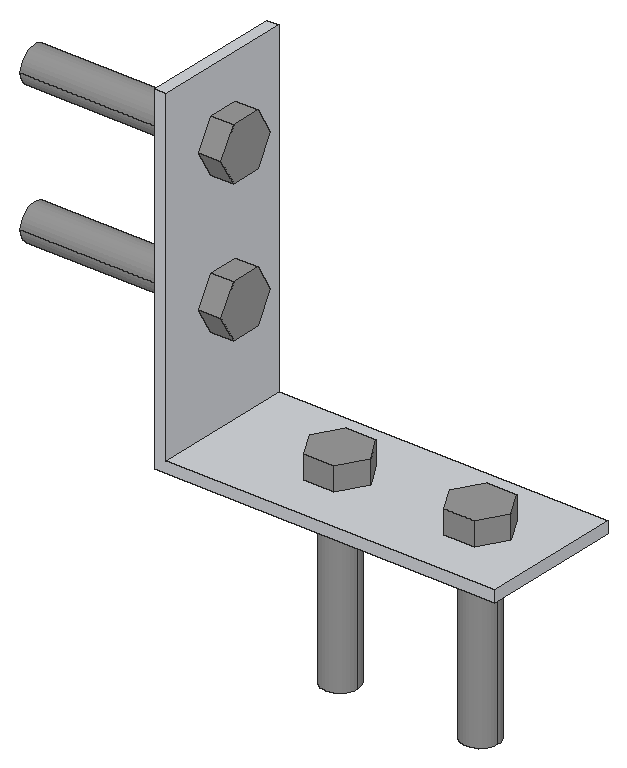
Revit family "HLGPC Heavy Angles and Gussets", category Structural Connections, Revit 2017
Family settings
  Material for Model Behavior = Other
  Work Plane-Based = Yes
  Enable cutting in views = Yes
  Always vertical = No
  Cut with Voids When Loaded = No
  Shared = No
Parameters (values of type "SIMPSON -HL73 - 3 X 7.25 - .75 Bolt - HDG")
  L = 0' - 3"
  URL = "https://www.strongtie.com/classiccollection_architecturalproductsgroup/hlpc-hlgpc_productgroup_wcc/p/hlpc.hlgpc"
  Hole Radius = 0' - 0 3/8"
  D4 = 0' - 3"
  D2 = 0' - 5"
  D1 = 0' - 1 1/2"
  D3 = 0' - 2 3/4"
  Ga. = 0' - 0 61/256"
  W1 & W2 = 0' - 7 1/4"
  Default Elevation = 4' - 0"
  Bolt Visibility - 3B = no
  Bolt Visibility - 3A = no
  Bolt Visibility - 2B = no
  Bolt Visibility - 2A = no
  Bolt Visibility - 1B = yes
  Bolt Visibility - 1A = yes
  Bolt Visibility = yes
  Bolt Size = Lag Bolt : 3/4" x 4"
Types (5): name | L | Hole Radius | D4 | D2 | D1 | D3 | Ga. | W1 & W2 | Bolt Visibility - 3A | Bolt Visibility - 2B | Bolt Visibility - 2A | Bolt Visibility - 1B | Bolt Size
  SIMPSON -HL73 - 3 X 7.25 - .75 Bolt - HDG | 0' - 3" | 0' - 0 3/8" | 0' - 3" | 0' - 5" | 0' - 1 1/2" | 0' - 2 3/4" | 0' - 0 61/256" | 0' - 7 1/4" | no | no | no | yes | Lag Bolt : 3/4" x 4"
  SIMPSON - HL43 - 3 X 4.25 - .75 Bolt - HDG | 0' - 3" | 0' - 0 3/8" | 0' - 5" | 0' - 5" | 0' - 1 1/2" | 0' - 2 3/4" | 0' - 0 61/256" | 0' - 4 1/4" | no | no | no | no | Lag Bolt : 3/4" x 4"
  SIMPSON -HL46 - 6 X 4.25 - .75 Bolt - HDG | 0' - 6" | 0' - 0 3/8" | 0' - 5" | 0' - 3" | 0' - 1 1/2" | 0' - 2 3/4" | 0' - 0 61/256" | 0' - 4 1/4" | no | no | yes | no | Lag Bolt : 3/4" x 4"
  SIMPSON -HL49 - 9 X 4.25 - .75 Bolt - HDG | 0' - 9" | 0' - 0 3/8" | 0' - 5" | 0' - 3" | 0' - 1 1/2" | 0' - 2 3/4" | 0' - 0 61/256" | 0' - 4 1/4" | yes | no | yes | no | Lag Bolt : 3/4" x 4"
  SIMPSON -HL55 - 5 X 5.75 - .5" BOLT - HDG | 0' - 5" | 0' - 0 1/4" | 0' - 2 1/2" | 0' - 2 1/2" | 0' - 1 1/4" | 0' - 2" | 0' - 0 23/128" | 0' - 5 3/4" | no | yes | yes | yes | Lag Bolt : 1/2" x 4"
Reference planes (in)
  plane 1 "Center (Front/Back)": y = 0
  plane 2: z = 0
  plane 3 "Center (Left/Right)": x = 0
  plane 4: y = 1.5
  plane 5: y = -1.5
  plane 6: x = 7.25
  plane 7: z = 7.25
  plane 8: z = 0.23828
  plane 9: x = 0.23828
  plane 10: y = 0
  plane 11: y = 5
  plane 12: x = 2.75
  plane 13: x = 5.75
  plane 14: y = 10
  plane 15: z = 2.75
  plane 16: z = 5.75
Forms (in)
  Extrusion 1, solid
    sketch origin (0, 0, 0) x (1, 0, 0) y (0, 1, 0)
      loop
        line (0, 1.5) -> (0, -1.5) -> (7.25, -1.5) -> (7.25, 1.5) -> (0, 1.5)
    from 0 to 0.23828
  Extrusion 2, solid
    sketch origin (0, 0, 0) x (0, 1, 0) y (0, 0, 1)
      loop
        line (-1.5, 7.25) -> (-1.5, 0.23828) -> (1.5, 0.23828) -> (1.5, 7.25) -> (-1.5, 7.25)
    from 0 to 0.23828
  Extrusion 3, void
    sketch origin (0, 0, 0) x (1, 0, 0) y (0, 1, 0)
      loop
        circle (2.75, 0) r 0.375
    from 0 to 0.23828
  Extrusion 4, void
    sketch origin (1.11176, 0, 0) x (1, 0, 0) y (0, 1, 0)
      loop
        circle (4.63824, 0) r 0.375
    from 0 to 0.23828
  Extrusion 5, void
    sketch origin (0, 0.75, 0) x (1, 0, 0) y (0, 1, 0)
      loop
        circle (2.75, 4.25) r 0.375
    from 0 to 0.23828
  Extrusion 6, void
    sketch origin (1.11176, 0.75, 0) x (1, 0, 0) y (0, 1, 0)
      loop
        circle (4.63824, 4.25) r 0.375
    from 0 to 0.23828
  Extrusion 7, void
    sketch origin (0, 1.65848, 0) x (1, 0, 0) y (0, 1, 0)
      loop
        circle (2.75, 8.34152) r 0.375
    from 0 to 0.23828
  Extrusion 8, void
    sketch origin (1.11176, 1.65848, 0) x (1, 0, 0) y (0, 1, 0)
      loop
        circle (4.63824, 8.34152) r 0.375
    from 0 to 0.23828
  Extrusion 9, void
    sketch origin (0, 0, 0) x (0, 1, 0) y (0, 0, 1)
      loop
        circle (0, 2.75) r 0.375
    from 0 to 0.23828
  Extrusion 10, void
    sketch origin (0, 1.18438, 0) x (0, 1, 0) y (0, 0, 1)
      loop
        circle (3.81562, 2.75) r 0.375
    from 0 to 0.23828
  Extrusion 11, void
    sketch origin (0, 2.26578, 0) x (0, 1, 0) y (0, 0, 1)
      loop
        circle (7.73422, 2.75) r 0.375
    from 0 to 0.23828
  Extrusion 12, void
    sketch origin (0, 2.26578, 0.75) x (0, 1, 0) y (0, 0, 1)
      loop
        circle (7.73422, 5) r 0.375
    from 0 to 0.23828
  Extrusion 13, void
    sketch origin (0, 1.14025, 0.75) x (0, 1, 0) y (0, 0, 1)
      loop
        circle (3.85975, 5) r 0.375
    from 0 to 0.23828
  Extrusion 14, void
    sketch origin (0, -0.30161, 0.75) x (0, 1, 0) y (0, 0, 1)
      loop
        circle (0.30161, 5) r 0.375
    from 0 to 0.23828
Cuts and joins
  Extrusion 3, Extrusion 4, Extrusion 5, Extrusion 6, Extrusion 7, Extrusion 8, Extrusion 9, Extrusion 10, Extrusion 11, Extrusion 12, Extrusion 13, Extrusion 14 cuts Extrusion 1
  Extrusion 3, Extrusion 4, Extrusion 5, Extrusion 6, Extrusion 7, Extrusion 8, Extrusion 9, Extrusion 10, Extrusion 11, Extrusion 12, Extrusion 13, Extrusion 14 cuts Extrusion 2
  joined: Extrusion 1, Extrusion 2
Dimensions and locks (in)
  equal spacing: plane 4, plane 1 "Center (Front/Back)", plane 5
  "W1 & W2": plane 3 "Center (Left/Right)" to plane 6
  "L": plane 4 to plane 5
  "W1 & W2": plane 7 to level
  "Ga.": plane 8 to level
  "Ga.": plane 9 to plane 3 "Center (Left/Right)"
  "D1": plane 10 to plane 5
  "D3": plane 3 "Center (Left/Right)" to plane 12
  "D4": plane 12 to plane 13
  "D2": plane 11 to plane 10
  "D2": plane 14 to plane 11
  "D3": plane 15 to level
  "D4": plane 16 to plane 15
  "Hole Radius": radius of Extrusion 3 sketch curve
  "Hole Radius": radius of Extrusion 4 sketch curve
  "Hole Radius": radius of Extrusion 5 sketch curve
  "Hole Radius": radius of Extrusion 6 sketch curve
  "Hole Radius": radius of Extrusion 7 sketch curve
  "Hole Radius": radius of Extrusion 8 sketch curve
  "Hole Radius": radius of Extrusion 9 sketch curve
  "Hole Radius": radius of Extrusion 10 sketch curve
  "Hole Radius": radius of Extrusion 11 sketch curve
  "Hole Radius": radius of Extrusion 12 sketch curve
  "Hole Radius": radius of Extrusion 13 sketch curve
  "Hole Radius": radius of Extrusion 14 sketch curve
  aligned and locked: plane 2 to level
  aligned and locked: Extrusion 1 sketch curve to plane 5
  aligned and locked: Extrusion 1 sketch curve to plane 4
  aligned and locked: plane 3 "Center (Left/Right)" to Extrusion 1 sketch curve
  aligned and locked: Extrusion 1 sketch curve to plane 6
  aligned and locked: Extrusion 2 sketch curve to plane 4
  aligned and locked: Extrusion 2 sketch curve to plane 7
  aligned and locked: plane 5 to Extrusion 2 sketch curve
  aligned and locked: plane 9 to Extrusion 2
  aligned and locked: plane 8 to Extrusion 2 sketch curve
  aligned and locked: plane 8 to Extrusion 1
  aligned and locked: Extrusion 1 to Extrusion 3
  aligned and locked: plane 12 to Extrusion 3 sketch curve
  aligned and locked: plane 10 to Extrusion 3 sketch curve
  aligned and locked: plane 13 to Extrusion 4 sketch curve
  aligned and locked: plane 10 to Extrusion 4 sketch curve
  aligned and locked: plane 11 to Extrusion 5 sketch curve
  aligned and locked: plane 12 to Extrusion 5 sketch curve
  aligned and locked: plane 11 to Extrusion 6 sketch curve
  aligned and locked: plane 13 to Extrusion 6 sketch curve
  aligned and locked: plane 14 to Extrusion 7 sketch curve
  aligned and locked: plane 12 to Extrusion 7 sketch curve
  aligned and locked: plane 14 to Extrusion 8 sketch curve
  aligned and locked: plane 13 to Extrusion 8 sketch curve
  aligned and locked: nested 1 to plane 10
  aligned and locked: plane 12 to nested 1
  aligned and locked: plane 12 to nested 4
  aligned and locked: nested 4 to plane 11
  aligned and locked: plane 13 to nested 3
  aligned and locked: nested 3 to plane 11
  aligned and locked: plane 13 to nested 2
  aligned and locked: nested 2 to plane 10
  aligned and locked: nested 6 to plane 14
  aligned and locked: plane 13 to nested 6
  aligned and locked: plane 12 to nested 5
  aligned and locked: nested 5 to plane 14
  aligned and locked: Extrusion 2 to Extrusion 9
  aligned and locked: plane 10 to Extrusion 9 sketch curve
  aligned and locked: plane 15 to Extrusion 9 sketch curve
  aligned and locked: plane 11 to Extrusion 10 sketch curve
  aligned and locked: plane 15 to Extrusion 10 sketch curve
  aligned and locked: Extrusion 11 sketch curve to plane 15
  aligned and locked: plane 14 to Extrusion 11 sketch curve
  aligned and locked: plane 10 to Extrusion 14 sketch curve
  aligned and locked: plane 16 to Extrusion 14 sketch curve
  aligned and locked: plane 11 to Extrusion 13 sketch curve
  aligned and locked: plane 16 to Extrusion 13 sketch curve
  aligned and locked: Extrusion 12 sketch curve to plane 16
  aligned and locked: plane 14 to Extrusion 12 sketch curve
  aligned and locked: plane 10 to nested 7
  aligned and locked: nested 7 to plane 16
  aligned and locked: nested 8 to plane 16
  aligned and locked: plane 11 to nested 8
  aligned and locked: plane 14 to nested 9
  aligned and locked: plane 16 to nested 9
  aligned and locked: nested 12 to plane 15
  aligned and locked: plane 10 to nested 12
  aligned and locked: plane 11 to nested 11
  aligned and locked: nested 11 to plane 15
  aligned and locked: plane 14 to nested 10
  aligned and locked: plane 15 to nested 10
Nested families (in)
  nested 1: "Lag Bolt" at (2.75, 0, 0.23828), type <- "Bolt Size", visible <- "Bolt Visibility - 1A", type "3/4" x 4""
  nested 2: "Lag Bolt" at (5.75, 0, 0.23828), visible <- "Bolt Visibility - 1B", type <- "Bolt Size", type "3/4" x 4""
  nested 3: "Lag Bolt" at (5.75, 5, 0.23828), visible <- "Bolt Visibility - 2B", type <- "Bolt Size", type "3/4" x 4""
  nested 4: "Lag Bolt" at (2.75, 5, 0.23828), visible <- "Bolt Visibility - 2A", type <- "Bolt Size", type "3/4" x 4""
  nested 5: "Lag Bolt" at (2.75, 10, 0.23828), visible <- "Bolt Visibility - 3A", type <- "Bolt Size", type "3/4" x 4""
  nested 6: "Lag Bolt" at (5.75, 10, 0.23828), visible <- "Bolt Visibility - 3B", type <- "Bolt Size", type "3/4" x 4""
  nested 7: "Lag Bolt" at (0.23828, 0, 5.75) x (0, 1, 0) z (1, 0, 0), visible <- "Bolt Visibility - 1B", type <- "Bolt Size", type "3/4" x 4""
  nested 8: "Lag Bolt" at (0.23828, 5, 5.75) x (0, 1, 0) z (1, 0, 0), visible <- "Bolt Visibility - 2B", type <- "Bolt Size", type "3/4" x 4""
  nested 9: "Lag Bolt" at (0.23828, 10, 5.75) x (0, 1, 0) z (1, 0, 0), visible <- "Bolt Visibility - 3B", type <- "Bolt Size", type "3/4" x 4""
  nested 10: "Lag Bolt" at (0.23828, 10, 2.75) x (0, 1, 0) z (1, 0, 0), visible <- "Bolt Visibility - 3A", type <- "Bolt Size", type "3/4" x 4""
  nested 11: "Lag Bolt" at (0.23828, 5, 2.75) x (0, 1, 0) z (1, 0, 0), visible <- "Bolt Visibility - 2A", type <- "Bolt Size", type "3/4" x 4""
  nested 12: "Lag Bolt" at (0.23828, 0, 2.75) x (0, 1, 0) z (1, 0, 0), type <- "Bolt Size", visible <- "Bolt Visibility - 1A", type "3/4" x 4""
Definition of nested family "Lag Bolt"
  Parameters (values of type "1/2" x 4"")
    Side = Head Size * 0.57812  # 0' - 0 111/256"
    Radius = Diameter / 2  # 0' - 0 1/4"
    Length = 0' - 4"
    Head Size = 0' - 0 3/4"
    Head Radius = Head Size / 2  # 0' - 0 3/8"
    Head Height = 0' - 0 1/2"
    Diameter = 0' - 0 1/2"
    Default Elevation = 4' - 0"
    Bolt Material (Size) = none
  Types (2): name | Side | Radius | Head Size | Head Radius | Diameter
    3/4" x 4" | 0' - 0.65039" | 0' - 0 3/8" | 0' - 1 1/8" | 0' - 0 9/16" | 0' - 0 3/4"
    1/2" x 4" | 0' - 0 111/256" | 0' - 0 1/4" | 0' - 0 3/4" | 0' - 0 3/8" | 0' - 0 1/2"
  Reference planes (in)
    plane 1 "Center (Front/Back)": y = 0
    plane 2: z = 0
    plane 3 "Center (Left/Right)": x = 0
    plane 4: z = 0.5
    plane 5: z = -4
    plane 6: y = 0
    plane 7: x = 0
  Forms (in)
    Extrusion 1, solid, material <- "Bolt Material (Size)"
      sketch origin (0, 0, 0) x (1, 0, 0) y (0, 1, 0)
        loop
          line (-0.21651, 0.375) -> (-0.43301, 0) -> (-0.21651, -0.375) -> (0.21651, -0.375) -> (0.43301, 0) -> (0.21651, 0.375) -> (-0.21651, 0.375)
      from 0 to 0.5
    Extrusion 2, solid, material <- "Bolt Material (Size)"
      sketch origin (0, 0, 0) x (1, 0, 0) y (0, 1, 0)
        loop
          circle (0, 0) r 0.25
      from -4 to 0
  Lines and regions (in)
    model lines
      curve 1: line (0, -0.375, 0.5) -> (0, 0.375, 0.5)
      curve 2: line (0.43301, 0, 0.5) -> (-0.43301, 0, 0.5)
  Dimensions and locks (in)
    "Head Height": plane 4 to level
    "Length": level to plane 5
    "Head Radius": Extrusion 1 sketch curve to plane 3 "Center (Left/Right)"
    "Head Radius": Extrusion 1 sketch curve to plane 7
    "Head Radius": Extrusion 1 sketch curve to plane 6  (x4)
    "Radius": radius of Extrusion 2 sketch curve
    locked: Extrusion 1 sketch curve to Extrusion 1 sketch curve (angle 120.00°)  (x5)
    aligned and locked: level to plane 2
    aligned and locked: Extrusion 1 to plane 4
    aligned and locked: Extrusion 2 to plane 5
    aligned and locked: plane 7 to curve 1
    aligned and locked: plane 6 to curve 2
  Automatic sketch dimensions
    curve 2 to Extrusion 1 = 0' - 0"
    curve 1 to Extrusion 1 = 0' - 0"
    Extrusion 1 to curve 1 = 0' - 0"
    Extrusion 1 to curve 2 = 0' - 0"
    plane 1 "Center (Front/Back)" to Extrusion 2 sketch curve = 0' - 0"
    Extrusion 2 sketch curve to plane 3 "Center (Left/Right)" = 0' - 0"
